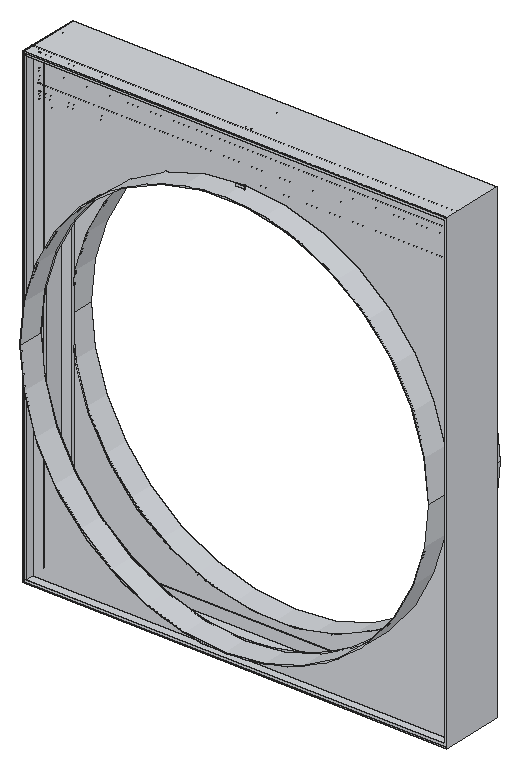
Revit family "FD-C", category Mechanical Equipment, Revit 2015
Parameters
  URL = "http://unitedenertech.com/catalog/pdf/A-9%20%20FD-C.pdf"
  Type Comments = "Max. Sizes are (1-1/2 Hour Rect./Oval Vertical 119\"w x 114\"h) (1-1/2 Hour Rect./Oval Horizontal 119\"w x 35\"h or 95\"w x 42\"h) (1-1/2 Hour Round Vertical 48\" Diameter) (1-1/2 Hour Round Horizontal 42\" Diameter) (3 Hour Rect./Oval Vertical 79\"w x 35\"h) (3 Hour Rect./Oval Horizontal 79\"w x 35\"h) (3 Hour Round Vertical 36\" Diameter) (3 Hour Round Horizontal 36\" Diameter)"
  Radius OD [instance] = Radius + 0' 0 9/256"  # 1' - 0 9/256"
  Radius [instance] = Diameter / 2  # 1' - 0"
  Model = "FD-C"
  Manufacturer = "United Enertech Corporation"
  Keynote = "Round Transitions Shown, Consult Factory for Models with Rectangular, or Oval Transitions"
  Exact Width = Diameter + 0' 1"  # 2' - 1"
  EFL Height [instance] = Blade Pair Number * 0' 0 13/32" + 0' 0 41/64"  # 0' - 3 31/64"
  Diameter = 2' - 0"
  Description = "Curtain Fire Damper for use in Static Systems"
  Damper Height = if(Diameter < 1' 8 1/4", Diameter + 0' 3", if(Diameter < 2' 7 1/4", Diameter + 0' 4", if(Diameter < 3' 6 1/4", Diameter + 0' 5", if(Diameter < 4' 6 1/4", Diameter + 0' 6", if(Diameter < 5' 4 1/4", Diameter + 0' 4", if(Diameter < 7' 0 1/4", Diameter + 0' 5", if(Diameter < 9' 6 1/4", Diameter + 0' 6", Diameter + 0' 6")))))))  # 2' - 4"
  Depth = 0' - 3 11/16"
  Center Mark [instance] = Radius + 0' 1"  # 1' - 1"
  Blade Width [instance] = Exact Width - 0' 0 1/8"  # 2' - 0 7/8"
  Blade Pair Number [instance] = (Damper Height - 0' 0 9/128") / 0' 3 7/8"  # 7
Reference planes (in)
  plane 1 "Center (Front/Back)": y = 0
  plane 2: z = 0
  plane 3 "Center (Left/Right)": x = 0
  plane 4: x = -12.5
  plane 5: x = 12.5
  plane 6: y = -1.84375
  plane 7: y = 1.84375
  plane 8: z = 28
  plane 9: x = -12.4641
  plane 10: x = 12.4641
  plane 11: z = 0.0359
  plane 12: z = 27.9641
  plane 13: y = 1.09375
  plane 14: y = -1.09375
  plane 15: y = -0.96875
  plane 16: y = 0.96875
  plane 17: z = 0.6609
  plane 18: x = -11.8391
  plane 19: x = 11.8391
  plane 20: z = 27.3391
  plane 21: x = -0.25
  plane 22: x = 0.25
  plane 23: z = 24.47973
  plane 24: z = 24.51563
  plane 25: z = 1
  plane 26: z = 13
  plane 27: y = -1.12965
  plane 28: y = 1.12965
  plane 29: y = -1.80785
  plane 30: y = 1.80785
  plane 31: y = -2.59375
  plane 32: y = 2.59375
  plane 33: x = -12.3391
  plane 34: x = 12.3391
  plane 35: z = 0.1609
  plane 36: z = 27.8391
Forms (in)
  Extrusion 1, solid
    sketch origin (0, 0, 0) x (1, 0, 0) y (0, 0, 1)
      loop
        line (-12.4641, 27.9641) -> (-12.4641, 0.0359) -> (12.4641, 0.0359) -> (12.4641, 27.9641) -> (-12.4641, 27.9641)
      loop
        line (-12.5, 28) -> (-12.5, 0) -> (12.5, 0) -> (12.5, 28) -> (-12.5, 28)
    from -1.84375 to 1.84375
  Extrusion 2, solid
    sketch origin (0, 0, 0) x (1, 0, 0) y (0, 0, 1)
      loop
        line (-11.8391, 27.3391) -> (-11.8391, 0.6609) -> (11.8391, 0.6609) -> (11.8391, 27.3391) -> (-11.8391, 27.3391)
      loop
        line (-12.4641, 27.9641) -> (-12.4641, 0.0359) -> (12.4641, 0.0359) -> (12.4641, 27.9641) -> (-12.4641, 27.9641)
    from 0.96875 to 1.09375
  Extrusion 3, solid
    sketch origin (0, 0, 0) x (1, 0, 0) y (0, 0, 1)
      loop
        line (-11.8391, 27.3391) -> (-11.8391, 0.6609) -> (11.8391, 0.6609) -> (11.8391, 27.3391) -> (-11.8391, 27.3391)
      loop
        line (-12.4641, 27.9641) -> (-12.4641, 0.0359) -> (12.4641, 0.0359) -> (12.4641, 27.9641) -> (-12.4641, 27.9641)
    from -1.09375 to -0.96875
  Extrusion 4, solid
    sketch origin (0, 0, 0) x (0, 1, 0) y (0, 0, 1)
      loop
        line (0.96875, 27.9641) -> (0.93285, 27.9641) -> (0.93285, 24.47973) -> (1.43285, 24.47973) -> (1.43285, 25.14848) -> (1.39695, 25.14848) -> (1.39695, 24.51563) -> (0.96875, 24.51563) -> (0.96875, 27.9641)
    from -0.25 to 0.25
  Extrusion 5, solid
    sketch origin (0, 0, 0) x (0, -1, 0) y (0, 0, -1)
      loop
        line (0.96875, -27.9641) -> (0.96875, -24.51563) -> (1.39695, -24.51563) -> (1.39695, -25.14848) -> (1.43285, -25.14848) -> (1.43285, -24.47973) -> (0.93285, -24.47973) -> (0.93285, -27.9641) -> (0.96875, -27.9641)
    from -0.25 to 0.25
  Extrusion 6, solid
    sketch origin (0, 0, 0) x (1, 0, 0) y (0, 0, 1)
      loop
        line (-12.5, 0) -> (12.5, 0) -> (12.5, 28) -> (-12.5, 28) -> (-12.5, 0)
    from 1.09375 to 1.12965
  Extrusion 7, solid
    sketch origin (0, 0, 0) x (1, 0, 0) y (0, 0, 1)
      loop
        line (-12.4641, 0.0359) -> (12.4641, 0.0359) -> (12.4641, 27.9641) -> (-12.4641, 27.9641) -> (-12.4641, 0.0359)
    from -1.12965 to -1.09375
  Extrusion 8, solid
    sketch origin (0, 0, 0) x (1, 0, 0) y (0, 0, 1)
      loop
        circle (0, 13) r 12
      loop
        circle (0, 13) r 12.03516
    from 1.12965 to 2.59375
  Extrusion 9, solid
    sketch origin (0, 0, 0) x (1, 0, 0) y (0, 0, -1)
      loop
        circle (0, -13) r 12
      loop
        circle (0, -13) r 12.03516
    from 1.12965 to 2.59375
  Extrusion 10, void
    sketch origin (0, 0, 0) x (1, 0, 0) y (0, 0, 1)
      loop
        circle (0, 13) r 12
    from -3.54736 to -1.09375
  Extrusion 11, void
    sketch origin (0, 0, 0) x (1, 0, 0) y (0, 0, -1)
      loop
        circle (0, -13) r 12
    from -3.54736 to -1.09375
  Extrusion 12, solid
    sketch origin (0, 0, 0) x (1, 0, 0) y (0, 0, 1)
      loop
        line (-12.4641, 27.9641) -> (-12.4641, 0.0359) -> (12.4641, 0.0359) -> (12.4641, 27.9641) -> (-12.4641, 27.9641)
      loop
        line (-12.3391, 27.8391) -> (-12.3391, 0.1609) -> (12.3391, 0.1609) -> (12.3391, 27.8391) -> (-12.3391, 27.8391)
    from -1.84375 to -1.80785
  Extrusion 13, solid
    sketch origin (0, 0, 0) x (1, 0, 0) y (0, 0, 1)
      loop
        line (-12.4641, 27.9641) -> (-12.4641, 0.0359) -> (12.4641, 0.0359) -> (12.4641, 27.9641) -> (-12.4641, 27.9641)
      loop
        line (-12.3391, 27.8391) -> (-12.3391, 0.1609) -> (12.3391, 0.1609) -> (12.3391, 27.8391) -> (-12.3391, 27.8391)
    from 1.84375 to 1.80785
Cuts and joins
  Extrusion 11 cuts Extrusion 3
  Extrusion 11 cuts Extrusion 4
  Extrusion 10, Extrusion 11 cuts Extrusion 7
  Extrusion 11 cuts Extrusion 9
  Extrusion 11 cuts Extrusion 6
Dimensions and locks (in)
  equal spacing: plane 4, plane 3 "Center (Left/Right)", plane 5
  "Exact Width": plane 4 to plane 5
  equal spacing: plane 7, plane 1 "Center (Front/Back)", plane 6
  "Depth": plane 7 to plane 6
  "Damper Height": plane 8 to level
  locked: plane 9 to plane 4 at 0.0359
  locked: plane 5 to plane 10 at 0.0359
  locked: plane 8 to plane 12 at 0.0359
  locked: plane 11 to level at 0.0359
  locked: plane 13 to plane 14 at 2.1875
  locked: plane 15 to plane 14 at 0.125
  locked: plane 13 to plane 16 at 0.125
  locked: plane 18 to plane 9 at 0.625
  locked: plane 10 to plane 19 at 0.625
  locked: plane 17 to plane 11 at 0.625
  locked: plane 12 to plane 20 at 0.625
  equal spacing: group 1, group 2, group 3, group 4, group 5, group 6, group 7  (x2)
  equal spacing: group 7, group 6, group 5, group 4, group 3, group 2, group 1
  locked: nested 1 to nested 2 at 0.40625
  "EFL Height": plane 12 to plane 23
  locked: plane 24 to plane 23 at 0.0359
  locked: plane 25 to level at 1
  "Center Mark": plane 26 to level
  locked: plane 14 to plane 27 at 0.0359
  locked: plane 13 to plane 28 at 0.0359
  locked: plane 29 to plane 6 at 0.0359
  locked: plane 7 to plane 30 at 0.0359
  locked: plane 6 to plane 31 at 0.75
  locked: plane 32 to plane 7 at 0.75
  locked: plane 9 to plane 33 at 0.125
  locked: plane 10 to plane 34 at 0.125
  locked: plane 35 to plane 11 at 0.125
  locked: plane 12 to plane 36 at 0.125
  "Radius OD": radius of Extrusion 8 sketch curve
  "Radius": radius of Extrusion 8 sketch curve
  "Radius OD": radius of Extrusion 9 sketch curve
  "Radius": radius of Extrusion 9 sketch curve
  "Radius": radius of Extrusion 10 sketch curve
  "Radius": radius of Extrusion 11 sketch curve
  aligned and locked: level to plane 2
  aligned and locked: level to Extrusion 1 sketch curve
  aligned and locked: Extrusion 1 sketch curve to plane 4
  aligned and locked: Extrusion 1 sketch curve to plane 5
  aligned and locked: Extrusion 1 sketch curve to plane 8
  aligned and locked: Extrusion 1 sketch curve to plane 12
  aligned and locked: Extrusion 1 sketch curve to plane 10
  aligned and locked: plane 11 to Extrusion 1 sketch curve
  aligned and locked: plane 9 to Extrusion 1 sketch curve
  aligned and locked: plane 7 to Extrusion 1
  aligned and locked: Extrusion 1 to plane 6
  aligned and locked: plane 11 to Extrusion 2 sketch curve
  aligned and locked: plane 9 to Extrusion 2 sketch curve
  aligned and locked: Extrusion 2 sketch curve to plane 10
  aligned and locked: Extrusion 2 sketch curve to plane 12
  aligned and locked: Extrusion 2 sketch curve to plane 20
  aligned and locked: Extrusion 2 sketch curve to plane 19
  aligned and locked: plane 17 to Extrusion 2 sketch curve
  aligned and locked: Extrusion 2 sketch curve to plane 18
  aligned and locked: plane 13 to Extrusion 3
  aligned and locked: Extrusion 3 to plane 16
  aligned and locked: plane 15 to Extrusion 2
  aligned and locked: Extrusion 2 to plane 14
  aligned and locked: plane 3 "Center (Left/Right)" to nested 1
  aligned and locked: plane 12 to nested 1
  aligned and locked: plane 21 to Extrusion 5
  aligned and locked: plane 21 to Extrusion 4
  aligned and locked: plane 22 to Extrusion 5
  aligned and locked: plane 22 to Extrusion 4
  aligned and locked: Extrusion 5 sketch curve to plane 23
  aligned and locked: plane 23 to Extrusion 4 sketch curve
  aligned and locked: plane 24 to Extrusion 4 sketch curve
  aligned and locked: Extrusion 5 sketch curve to plane 24
  aligned and locked: nested 3 to plane 24
  aligned and locked: Extrusion 6 sketch curve to level
  aligned and locked: plane 4 to Extrusion 6 sketch curve
  aligned and locked: plane 5 to Extrusion 6 sketch curve
  aligned and locked: plane 8 to Extrusion 6 sketch curve
  aligned and locked: Extrusion 7 to plane 10
  aligned and locked: plane 12 to Extrusion 7
  aligned and locked: Extrusion 7 to plane 9
  aligned and locked: Extrusion 7 to plane 11
  aligned and locked: Extrusion 7 to plane 13
  aligned and locked: Extrusion 7 to plane 28
  aligned and locked: Extrusion 9 to plane 32
  aligned and locked: Extrusion 8 to plane 31
  aligned and locked: plane 27 to Extrusion 8
  aligned and locked: plane 28 to Extrusion 9
  aligned and locked: Extrusion 10 to plane 13
  aligned and locked: plane 14 to Extrusion 11
  aligned and locked: Extrusion 12 sketch curve to plane 35
  aligned and locked: Extrusion 12 sketch curve to plane 36
  aligned and locked: Extrusion 12 sketch curve to plane 33
  aligned and locked: Extrusion 12 sketch curve to plane 34
  aligned and locked: Extrusion 12 sketch curve to plane 10
  aligned and locked: plane 11 to Extrusion 12 sketch curve
  aligned and locked: plane 9 to Extrusion 12 sketch curve
  aligned and locked: Extrusion 12 sketch curve to plane 12
  aligned and locked: plane 7 to Extrusion 12
  aligned and locked: Extrusion 12 to plane 30
  aligned and locked: Extrusion 13 to plane 29
  aligned and locked: Extrusion 13 to plane 6
Automatic sketch dimensions
  Extrusion 3 sketch curve to plane 9 = 0' - 0"
  Extrusion 3 sketch curve to plane 17 = 0' - 0"
  plane 18 to Extrusion 3 sketch curve = 0' - 0"
  Extrusion 3 sketch curve to plane 19 = 0' - 0"
  plane 10 to Extrusion 3 sketch curve = 0' - 0"
  Extrusion 3 sketch curve to plane 11 = 0' - 0"
  Extrusion 3 sketch curve to plane 20 = 0' - 0"
  Extrusion 3 sketch curve to plane 12 = 0' - 0"
  Extrusion 4 sketch curve to plane 12 = 0' - 0"
  Extrusion 4 sketch curve to plane 16 = 0' - 0"
  Extrusion 4 sketch curve to plane 16 = 0' - 0.0359"
  Extrusion 4 sketch curve to plane 28 = 0' - 0.2673"
  Extrusion 4 sketch curve to Extrusion 4 sketch curve = 0' - 0.0359"
  plane 24 to Extrusion 4 sketch curve = 0' - 0.63285"
  Extrusion 5 sketch curve to plane 12 = 0' - 0"
  Extrusion 5 sketch curve to plane 15 = 0' - 0"
  Extrusion 5 sketch curve to plane 15 = 0' - 0.0359"
  plane 27 to Extrusion 5 sketch curve = 0' - 0.2673"
  Extrusion 5 sketch curve to Extrusion 5 sketch curve = 0' - 0.0359"
  Extrusion 5 sketch curve to plane 24 = 0' - 0.63285"
  Extrusion 7 sketch curve to plane 9 = 0' - 0"
  Extrusion 7 sketch curve to plane 10 = 0' - 0"
  Extrusion 7 sketch curve to plane 11 = 0' - 0"
  Extrusion 7 sketch curve to plane 12 = 0' - 0"
  Extrusion 13 sketch curve to plane 9 = 0' - 0"
  plane 33 to Extrusion 13 sketch curve = 0' - 0"
  Extrusion 13 sketch curve to plane 34 = 0' - 0"
  Extrusion 13 sketch curve to plane 10 = 0' - 0"
  Extrusion 13 sketch curve to plane 11 = 0' - 0"
  Extrusion 13 sketch curve to plane 35 = 0' - 0"
  Extrusion 13 sketch curve to plane 36 = 0' - 0"
  Extrusion 13 sketch curve to plane 12 = 0' - 0"
  Extrusion 8 sketch curve to Extrusion 8 sketch curve = 0' - 0"  (x2)
  Extrusion 8 sketch curve to plane 3 "Center (Left/Right)" = 0' - 0"
  Extrusion 8 sketch curve to plane 26 = 0' - 0"
  Extrusion 9 sketch curve to Extrusion 9 sketch curve = 0' - 0"  (x2)
  Extrusion 9 sketch curve to plane 3 "Center (Left/Right)" = 0' - 0"
  Extrusion 9 sketch curve to plane 26 = 0' - 0"
  Extrusion 10 sketch curve to plane 3 "Center (Left/Right)" = 0' - 0"
  Extrusion 10 sketch curve to plane 26 = 0' - 0"
  Extrusion 11 sketch curve to plane 3 "Center (Left/Right)" = 0' - 0"
  Extrusion 11 sketch curve to plane 26 = 0' - 0"
Nested families (in)
  nested 1: "FD-SALB BLADESEDITED" at (0, 1.17008, 27.12138), type "FD-SALB BLADESEDITED"
    with Blade Width 2' - 0 7/8"
  nested 2: "FD-SALB BLADESEDITED" at (0, 1.17008, 26.71513), type "FD-SALB BLADESEDITED"
    with Blade Width 2' - 0 7/8"
  nested 3: "EFL" at (4.62017, 3.54736, 24.51563), type "EFL"
  nested 4: "FD-SALB BLADESEDITED" at (0, 1.17008, 26.30888), type "FD-SALB BLADESEDITED"
    with Blade Width 2' - 0 7/8"
  nested 5: "FD-SALB BLADESEDITED" at (0, 1.17008, 25.90263), type "FD-SALB BLADESEDITED"
    with Blade Width 2' - 0 7/8"
  nested 6: "FD-SALB BLADESEDITED" at (0, 1.17008, 25.49638), type "FD-SALB BLADESEDITED"
    with Blade Width 2' - 0 7/8"
  nested 7: "FD-SALB BLADESEDITED" at (0, 1.17008, 25.09013), type "FD-SALB BLADESEDITED"
    with Blade Width 2' - 0 7/8"
  nested 8: "FD-SALB BLADESEDITED" at (0, 1.17008, 24.68388), type "FD-SALB BLADESEDITED"
    with Blade Width 2' - 0 7/8"
Definition of nested family "FD-SALB BLADESEDITED"
  Parameters (values of type "FD-SALB BLADESEDITED")
    Blade Width = 1' - 11 7/8"
  Reference planes (in)
    plane 1 "Center (Front/Back)": y = 0
    plane 2: z = 0
    plane 3 "Center (Left/Right)": x = 0
    plane 4: x = -11.9375
    plane 5: x = 11.9375
  Forms (in)
    Extrusion 1, solid
      sketch origin (0, 0, 0) x (0, 1, 0) y (0, 0, 1)
        loop
          line (-0.31672, 0.53073) -> (-0.3446, 0.62657)
          arc (-0.3446, 0.62657) -> (-0.33726, 0.6415) -> (-0.32269, 0.63348) r 0.0115
          line (-0.32269, 0.63348) -> (-0.30545, 0.53536)
          arc (-0.30545, 0.53536) -> (-0.31611, 0.49773) -> (-0.35217, 0.48264) r 0.045
          line (-0.35217, 0.48264) -> (-0.39872, 0.48554)
          arc (-0.39872, 0.48554) -> (-0.42675, 0.49692) -> (-0.44125, 0.52348) r 0.045
          line (-0.44125, 0.52348) -> (-0.47071, 0.66865)
          arc (-0.47071, 0.66865) -> (-0.48965, 0.70349) -> (-0.5262, 0.7189) r 0.06
          line (-0.5262, 0.7189) -> (-1.55698, 0.78305) -> (-1.76244, 0.79584)
          arc (-1.76244, 0.79584) -> (-1.79846, 0.78683) -> (-1.82228, 0.75836) r 0.06
          line (-1.82228, 0.75836) -> (-1.88016, 0.61423)
          arc (-1.88016, 0.61423) -> (-1.90974, 0.57877) -> (-1.95445, 0.56733) r 0.075
          arc (-1.95445, 0.56733) -> (-2.03902, 0.60869) -> (-2.06957, 0.69773) r 0.123
          line (-2.06957, 0.69773) -> (-2.06418, 0.78456)
          arc (-2.06418, 0.78456) -> (-2.05371, 0.80551) -> (-2.03138, 0.81256) r 0.03
          line (-2.03138, 0.81256) -> (-1.90763, 0.80489) -> (-1.90763, 0.8362) -> (-2.01284, 0.84272) -> (-2.04641, 0.84272)
          arc (-2.04641, 0.84272) -> (-2.08042, 0.82292) -> (-2.09536, 0.7865) r 0.06125
          line (-2.09536, 0.7865) -> (-2.10077, 0.69966)
          arc (-2.10077, 0.69966) -> (-2.06244, 0.58801) -> (-1.95639, 0.53614) r 0.15425
          arc (-1.95639, 0.53614) -> (-1.89306, 0.55235) -> (-1.8512, 0.60257) r 0.10625
          line (-1.8512, 0.60257) -> (-1.7933, 0.74674)
          arc (-1.7933, 0.74674) -> (-1.78183, 0.76038) -> (-1.76452, 0.76466) r 0.02875
          line (-1.76452, 0.76466) -> (-1.55892, 0.75186) -> (-0.52813, 0.68773)
          arc (-0.52813, 0.68773) -> (-0.51045, 0.68016) -> (-0.50148, 0.66314) r 0.02875
          line (-0.50148, 0.66314) -> (-0.47199, 0.51784)
          arc (-0.47199, 0.51784) -> (-0.4474, 0.47346) -> (-0.4004, 0.45434) r 0.07625
          line (-0.4004, 0.45434) -> (-0.35398, 0.45144)
          arc (-0.35398, 0.45144) -> (-0.29278, 0.47694) -> (-0.27468, 0.54073) r 0.07625
          line (-0.27468, 0.54073) -> (-0.29191, 0.63889)
          arc (-0.29191, 0.63889) -> (-0.33988, 0.67434) -> (-0.37768, 0.6282) r 0.04327
          line (-0.37768, 0.6282) -> (-0.34677, 0.52199) -> (-0.31672, 0.53073)
      from -11.9375 to 11.9375
    Extrusion 2, solid
      sketch origin (0, 0, 0) x (0, 1, 0) y (0, 0, 1)
        loop
          arc (-0.31635, 0.67497) -> (-0.29361, 0.66856) -> (-0.28256, 0.64768) r 0.03
          line (-0.28256, 0.64768) -> (-0.2714, 0.56286)
          arc (-0.2714, 0.56286) -> (-0.29582, 0.47194) -> (-0.37737, 0.42491) r 0.123
          arc (-0.37737, 0.42491) -> (-0.42275, 0.43328) -> (-0.45469, 0.46664) r 0.075
          line (-0.45469, 0.46664) -> (-0.52225, 0.60648)
          arc (-0.52225, 0.60648) -> (-0.54755, 0.63305) -> (-0.58358, 0.63992) r 0.06
          line (-0.58358, 0.63992) -> (-0.78858, 0.61304) -> (-1.81262, 0.47877)
          arc (-1.81262, 0.47877) -> (-1.84723, 0.46173) -> (-1.86432, 0.42714) r 0.06
          line (-1.86432, 0.42714) -> (-1.88437, 0.27537)
          arc (-1.88437, 0.27537) -> (-1.89734, 0.2499) -> (-1.92301, 0.23735) r 0.045
          line (-1.92301, 0.23735) -> (-1.96868, 0.2314)
          arc (-1.96868, 0.2314) -> (-2.00696, 0.24361) -> (-2.02023, 0.28153) r 0.045
          line (-2.02023, 0.28153) -> (-2.00995, 0.379)
          arc (-2.00995, 0.379) -> (-1.99657, 0.38882) -> (-1.98728, 0.37505) r 0.0115
          line (-1.98728, 0.37505) -> (-2.00879, 0.27676) -> (-1.97772, 0.26996) -> (-1.95543, 0.37179)
          arc (-1.95543, 0.37179) -> (-1.99381, 0.41919) -> (-2.04121, 0.38081) r 0.04313
          line (-2.04121, 0.38081) -> (-2.05127, 0.28509)
          arc (-2.05127, 0.28509) -> (-2.02877, 0.22122) -> (-1.96431, 0.20045) r 0.07625
          line (-1.96431, 0.20045) -> (-1.91897, 0.20638)
          arc (-1.91897, 0.20638) -> (-1.87533, 0.22771) -> (-1.85342, 0.27106) r 0.07625
          line (-1.85342, 0.27106) -> (-1.83333, 0.42305)
          arc (-1.83333, 0.42305) -> (-1.82514, 0.43962) -> (-1.80853, 0.44779) r 0.02875
          line (-1.80853, 0.44779) -> (-0.78452, 0.58205) -> (-0.57967, 0.60892)
          arc (-0.57967, 0.60892) -> (-0.56246, 0.60559) -> (-0.55039, 0.5929) r 0.02875
          line (-0.55039, 0.5929) -> (-0.48278, 0.45303)
          arc (-0.48278, 0.45303) -> (-0.4376, 0.40578) -> (-0.37331, 0.39393) r 0.10625
          arc (-0.37331, 0.39393) -> (-0.27103, 0.4529) -> (-0.24041, 0.56695) r 0.15425
          line (-0.24041, 0.56695) -> (-0.2515, 0.65113)
          arc (-0.2515, 0.65113) -> (-0.27433, 0.69316) -> (-0.32041, 0.70596) r 0.06125
          line (-0.32041, 0.70596) -> (-0.44437, 0.68971) -> (-0.44031, 0.65872) -> (-0.31635, 0.67497)
      from -11.9375 to 11.9375
  Dimensions and locks (in)
    equal spacing: plane 4, plane 3 "Center (Left/Right)", plane 5
    "Blade Width": plane 4 to plane 5
    aligned and locked: level to plane 2
    aligned and locked: plane 4 to Extrusion 1
    aligned and locked: plane 4 to Extrusion 2
    aligned and locked: plane 5 to Extrusion 1
    aligned and locked: plane 5 to Extrusion 2
  Automatic sketch dimensions
    Extrusion 2 sketch curve to Extrusion 2 sketch curve = 0' - 0"  (x35)
    level to Extrusion 2 sketch curve = 0' - 0.28509"
    plane 1 "Center (Front/Back)" to Extrusion 2 sketch curve = 0' - 2.05127"
    level to Extrusion 2 sketch curve = 0' - 0.38081"
    Extrusion 2 sketch curve to Extrusion 2 sketch curve = 0' - 0.01006"
    level to Extrusion 2 sketch curve = 0' - 0.28153"
    Extrusion 2 sketch curve to Extrusion 2 sketch curve = 0' - 0.03105"
    level to Extrusion 2 sketch curve = 0' - 0.27676"
    Extrusion 2 sketch curve to Extrusion 2 sketch curve = 0' - 0.01143"  (x2)
    Extrusion 2 sketch curve to Extrusion 2 sketch curve = 0' - 0.04266"
    Extrusion 2 sketch curve to Extrusion 2 sketch curve = 0' - 0.00023"
    level to Extrusion 2 sketch curve = 0' - 0.26996"
    Extrusion 2 sketch curve to Extrusion 2 sketch curve = 0' - 0.03107"
    Extrusion 2 sketch curve to Extrusion 2 sketch curve = 0' - 0.00213"
    level to Extrusion 2 sketch curve = 0' - 0.2314"
    Extrusion 2 sketch curve to Extrusion 2 sketch curve = 0' - 0.00904"
    level to Extrusion 2 sketch curve = 0' - 0.20045"
    level to Extrusion 2 sketch curve = 0' - 0.37179"
    Extrusion 2 sketch curve to Extrusion 2 sketch curve = 0' - 0.0467"
    level to Extrusion 2 sketch curve = 0' - 0.27537"
    Extrusion 2 sketch curve to Extrusion 2 sketch curve = 0' - 0.04451"
    level to Extrusion 2 sketch curve = 0' - 0.27106"
    Extrusion 2 sketch curve to Extrusion 2 sketch curve = 0' - 0.03095"
    Extrusion 2 sketch curve to Extrusion 2 sketch curve = 0' - 0.0486"
    plane 1 "Center (Front/Back)" to Extrusion 2 sketch curve = 0' - 0.78452"
    Extrusion 2 sketch curve to Extrusion 2 sketch curve = 0' - 0.20094"
    Extrusion 2 sketch curve to Extrusion 2 sketch curve = 0' - 0 1/256"  (x2)
    Extrusion 2 sketch curve to Extrusion 2 sketch curve = 0' - 0.0034"
    Extrusion 2 sketch curve to Extrusion 2 sketch curve = 0' - 0.13921"
    Extrusion 2 sketch curve to Extrusion 2 sketch curve = 0' - 0.00406"  (x3)
    Extrusion 2 sketch curve to Extrusion 2 sketch curve = 0' - 0.04695"
    Extrusion 2 sketch curve to Extrusion 2 sketch curve = 0' - 0.00624"
    Extrusion 2 sketch curve to Extrusion 2 sketch curve = 0' - 0.0809"
    Extrusion 2 sketch curve to Extrusion 2 sketch curve = 0' - 0.0299"
    Extrusion 2 sketch curve to Extrusion 2 sketch curve = 0' - 0.03106"
    Extrusion 2 sketch curve to Extrusion 2 sketch curve = 0' - 0.00661"
    Extrusion 2 sketch curve to Extrusion 2 sketch curve = 0' - 0.00119"
    Extrusion 2 sketch curve to Extrusion 2 sketch curve = 0' - 0.14822"
    level to Extrusion 2 sketch curve = 0' - 0.49927"
    Extrusion 2 sketch curve to Extrusion 2 sketch curve = 0' - 0.04759"
    Extrusion 2 sketch curve to Extrusion 2 sketch curve = 0' - 0.0335"
    Extrusion 2 sketch curve to Extrusion 2 sketch curve = 0' - 0.00168"
    Extrusion 2 sketch curve to Extrusion 2 sketch curve = 0' - 0.02855"
    Extrusion 2 sketch curve to Extrusion 2 sketch curve = 0' - 0.031"
    Extrusion 2 sketch curve to Extrusion 2 sketch curve = 0' - 0.09835"
    Extrusion 2 sketch curve to Extrusion 2 sketch curve = 0' - 0.00246"
    Extrusion 2 sketch curve to Extrusion 2 sketch curve = 0' - 0.00345"
    Extrusion 2 sketch curve to Extrusion 2 sketch curve = 0' - 0.11186"
    Extrusion 2 sketch curve to Extrusion 2 sketch curve = 0' - 0.03098"  (x3)
    level to Extrusion 2 sketch curve = 0' - 0.37898"
    Extrusion 2 sketch curve to Extrusion 2 sketch curve = 0' - 0.00003"  (x4)
    Extrusion 2 sketch curve to Extrusion 2 sketch curve = 0' - 0.01101"
    level to Extrusion 2 sketch curve = 0' - 0.37505"
    Extrusion 2 sketch curve to Extrusion 2 sketch curve = 0' - 0.00585"
    level to Extrusion 2 sketch curve = 0' - 0.23735"
    Extrusion 2 sketch curve to Extrusion 2 sketch curve = 0' - 0.00404"
    level to Extrusion 2 sketch curve = 0' - 0.20636"
    level to Extrusion 2 sketch curve = 0' - 0.42714"
    Extrusion 2 sketch curve to Extrusion 2 sketch curve = 0' - 0.0595"
    level to Extrusion 2 sketch curve = 0' - 0.42305"
    Extrusion 2 sketch curve to Extrusion 2 sketch curve = 0' - 0.02852"
    Extrusion 2 sketch curve to Extrusion 2 sketch curve = 0' - 0.0207"
    level to Extrusion 2 sketch curve = 0' - 0.47878"
    Extrusion 2 sketch curve to Extrusion 2 sketch curve = 0' - 0.00374"
    level to Extrusion 2 sketch curve = 0' - 0.44779"
    Extrusion 2 sketch curve to Extrusion 2 sketch curve = 0' - 0.02588"
    Extrusion 2 sketch curve to Extrusion 2 sketch curve = 0' - 0.02814"
    Extrusion 2 sketch curve to Extrusion 2 sketch curve = 0' - 0.0957"
    Extrusion 2 sketch curve to Extrusion 2 sketch curve = 0' - 0.00004"  (x2)
    Extrusion 2 sketch curve to Extrusion 2 sketch curve = 0' - 0.02809"
    Extrusion 2 sketch curve to Extrusion 2 sketch curve = 0' - 0.00975"
    Extrusion 2 sketch curve to Extrusion 2 sketch curve = 0' - 0.00796"
    Extrusion 2 sketch curve to Extrusion 2 sketch curve = 0' - 0.01116"
    Extrusion 2 sketch curve to Extrusion 2 sketch curve = 0' - 0.00002"
    Extrusion 1 sketch curve to Extrusion 1 sketch curve = 0' - 0"  (x30)
    level to Extrusion 1 sketch curve = 0' - 0.7827"
    plane 1 "Center (Front/Back)" to Extrusion 1 sketch curve = 0' - 2.03423"
    Extrusion 1 sketch curve to Extrusion 1 sketch curve = 0' - 0.00284"
    Extrusion 1 sketch curve to Extrusion 1 sketch curve = 0' - 0.01854"
    Extrusion 1 sketch curve to Extrusion 1 sketch curve = 0' - 0.08443"
    Extrusion 1 sketch curve to Extrusion 1 sketch curve = 0' - 0.00298"
    Extrusion 1 sketch curve to Extrusion 1 sketch curve = 0' - 0.03918"
    Extrusion 1 sketch curve to Extrusion 1 sketch curve = 0' - 0.14102"
    level to Extrusion 1 sketch curve = 0' - 0.76466"
    Extrusion 1 sketch curve to Extrusion 1 sketch curve = 0' - 0.00209"
    level to Extrusion 1 sketch curve = 0' - 0.79584"
    Extrusion 1 sketch curve to Extrusion 1 sketch curve = 0' - 0.00208"  (x2)
    level to Extrusion 1 sketch curve = 0' - 0.75186"
    Extrusion 1 sketch curve to Extrusion 1 sketch curve = 0' - 0.2056"
    Extrusion 1 sketch curve to Extrusion 1 sketch curve = 0' - 0.00194"  (x2)
    plane 1 "Center (Front/Back)" to Extrusion 1 sketch curve = 0' - 0.52993"
    Extrusion 1 sketch curve to Extrusion 1 sketch curve = 0' - 0.02845"
    Extrusion 1 sketch curve to Extrusion 1 sketch curve = 0' - 0.02949"
    Extrusion 1 sketch curve to Extrusion 1 sketch curve = 0' - 0.03077"  (x2)
    Extrusion 1 sketch curve to Extrusion 1 sketch curve = 0' - 0.03074"
    Extrusion 1 sketch curve to Extrusion 1 sketch curve = 0' - 0.04085"
    Extrusion 1 sketch curve to Extrusion 1 sketch curve = 0' - 0.00168"
    Extrusion 1 sketch curve to Extrusion 1 sketch curve = 0' - 0.04445"
    Extrusion 1 sketch curve to Extrusion 1 sketch curve = 0' - 0.01912"
    Extrusion 1 sketch curve to Extrusion 1 sketch curve = 0' - 0.04641"
    Extrusion 1 sketch curve to Extrusion 1 sketch curve = 0' - 0.00182"
    Extrusion 1 sketch curve to Extrusion 1 sketch curve = 0' - 0.00238"
    Extrusion 1 sketch curve to Extrusion 1 sketch curve = 0' - 0.00302"
    Extrusion 1 sketch curve to Extrusion 1 sketch curve = 0' - 0.03307"
    Extrusion 1 sketch curve to Extrusion 1 sketch curve = 0' - 0.01008"
    Extrusion 1 sketch curve to Extrusion 1 sketch curve = 0' - 0.00072"
    Extrusion 1 sketch curve to Extrusion 1 sketch curve = 0' - 0.01112"
    Extrusion 1 sketch curve to Extrusion 1 sketch curve = 0' - 0.03006"
    Extrusion 1 sketch curve to Extrusion 1 sketch curve = 0' - 0.03078"
    Extrusion 1 sketch curve to Extrusion 1 sketch curve = 0' - 0.02867"
    Extrusion 1 sketch curve to Extrusion 1 sketch curve = 0' - 0.09261"
    level to Extrusion 1 sketch curve = 0' - 0.66865"
    Extrusion 1 sketch curve to Extrusion 1 sketch curve = 0' - 0.00551"
    Extrusion 1 sketch curve to Extrusion 1 sketch curve = 0' - 0.00412"
    Extrusion 1 sketch curve to Extrusion 1 sketch curve = 0' - 0.04791"
    Extrusion 1 sketch curve to Extrusion 1 sketch curve = 0' - 0.02976"
    Extrusion 1 sketch curve to Extrusion 1 sketch curve = 0' - 0.00541"
    Extrusion 1 sketch curve to Extrusion 1 sketch curve = 0' - 0.00087"
    Extrusion 1 sketch curve to Extrusion 1 sketch curve = 0' - 0.00852"
    Extrusion 1 sketch curve to Extrusion 1 sketch curve = 0' - 0.00559"
    Extrusion 1 sketch curve to Extrusion 1 sketch curve = 0' - 0.00702"
    Extrusion 1 sketch curve to Extrusion 1 sketch curve = 0' - 0.00564"
    Extrusion 1 sketch curve to Extrusion 1 sketch curve = 0' - 0.03935"
    Extrusion 1 sketch curve to Extrusion 1 sketch curve = 0' - 0.0312"
    Extrusion 1 sketch curve to Extrusion 1 sketch curve = 0' - 0.03119"
    Extrusion 1 sketch curve to Extrusion 1 sketch curve = 0' - 0.1148"
    Extrusion 1 sketch curve to Extrusion 1 sketch curve = 0' - 0.03131"
    Extrusion 1 sketch curve to Extrusion 1 sketch curve = 0' - 0.02994"
    level to Extrusion 1 sketch curve = 0' - 0.78456"
    Extrusion 1 sketch curve to Extrusion 1 sketch curve = 0' - 0.00539"
    level to Extrusion 1 sketch curve = 0' - 0.69772"
    Extrusion 1 sketch curve to Extrusion 1 sketch curve = 0' - 0.03117"
    Extrusion 1 sketch curve to Extrusion 1 sketch curve = 0' - 0.03118"
    level to Extrusion 1 sketch curve = 0' - 0.69966"
    Extrusion 1 sketch curve to Extrusion 1 sketch curve = 0' - 0.03357"
    Extrusion 1 sketch curve to Extrusion 1 sketch curve = 0' - 0.0066"
    Extrusion 1 sketch curve to Extrusion 1 sketch curve = 0' - 0.06959"
    level to Extrusion 1 sketch curve = 0' - 0.61423"
    Extrusion 1 sketch curve to Extrusion 1 sketch curve = 0' - 0.00004"  (x2)
    Extrusion 1 sketch curve to Extrusion 1 sketch curve = 0' - 0.02896"
    level to Extrusion 1 sketch curve = 0' - 0.60259"
    level to Extrusion 1 sketch curve = 0' - 0.75838"
    Extrusion 1 sketch curve to Extrusion 1 sketch curve = 0' - 0.05778"
    level to Extrusion 1 sketch curve = 0' - 0.74674"
    Extrusion 1 sketch curve to Extrusion 1 sketch curve = 0' - 0.02669"
    Extrusion 1 sketch curve to Extrusion 1 sketch curve = 0' - 0.00179"
    Extrusion 1 sketch curve to Extrusion 1 sketch curve = 0' - 0.00193"
    Extrusion 1 sketch curve to Extrusion 1 sketch curve = 0' - 0.01125"
    Extrusion 1 sketch curve to Extrusion 1 sketch curve = 0' - 0.00003"
    Extrusion 1 sketch curve to Extrusion 1 sketch curve = 0' - 0.05622"
    Extrusion 1 sketch curve to Extrusion 1 sketch curve = 0' - 0.03016"
Definition of nested family "EFL"
  Reference planes (in)
    plane 1 "Center (Front/Back)": y = 0
    plane 2: z = 0
    plane 3 "Center (Left/Right)": x = 0
  Forms (in)
    Extrusion 1, solid
      sketch origin (0, 0, 0) x (1, 0, 0) y (0, 1, 0)
        loop
          arc (-4.87017, -4.05324) -> (-4.81525, -4.18582) -> (-4.68267, -4.24074) r 0.1875
          line (-4.68267, -4.24074) -> (-4.55767, -4.24074)
          arc (-4.55767, -4.24074) -> (-4.42508, -4.18582) -> (-4.37017, -4.05324) r 0.1875
          line (-4.37017, -4.05324) -> (-4.37017, -3.41574) -> (-4.87017, -3.41574) -> (-4.87017, -4.05324)
        loop
          circle (-4.62017, -4.05324) r 0.0625
      from 0.1 to 0.05
    Extrusion 2, solid
      sketch origin (-9.24033, -7.08147, 0) x (-1, 0, 0) y (0, -1, 0)
        loop
          arc (-4.87017, -4.05324) -> (-4.81525, -4.18582) -> (-4.68267, -4.24074) r 0.1875
          line (-4.68267, -4.24074) -> (-4.55767, -4.24074)
          arc (-4.55767, -4.24074) -> (-4.42508, -4.18582) -> (-4.37017, -4.05324) r 0.1875
          line (-4.37017, -4.05324) -> (-4.37017, -3.41574) -> (-4.87017, -3.41574) -> (-4.87017, -4.05324)
        loop
          circle (-4.62017, -4.05324) r 0.0625
      from 0 to 0.05
    Sweep 3, solid
      path in 3D
        loop
          line (-4.62017, -4.16421, 0) -> (-4.62017, -4.22608, 0)
          arc (-4.62017, -4.22608, 0) -> (-4.65678, -4.31447, 0) -> (-4.74517, -4.35108, 0) r 0.125
          line (-4.74517, -4.35108, 0) -> (-4.92568, -4.35108, 0)
          arc (-4.92568, -4.35108, 0) -> (-5.02859, -4.454, 0) -> (-4.92568, -4.55691, 0) r 0.10291
          line (-4.92568, -4.55691, 0) -> (-4.62017, -4.55691, 0) -> (-4.31465, -4.55691, 0)
          arc (-4.31465, -4.55691, 0) -> (-4.21174, -4.454, 0) -> (-4.31465, -4.35108, 0) r 0.10291
          line (-4.31465, -4.35108, 0) -> (-4.58427, -4.35108, 0)
      profile origin (-4.62017, -4.19515, 0) x (1, 0, 0) y (0, 0, 1)
        loop
          circle (0, 0) r 0.03202
    Sweep 4, solid
      path in 3D
        loop
          line (-4.62017, -4.283, 0.1526) -> (-4.62017, -4.12297, 0.1526)
          arc (-4.62017, -4.12297, 0.1526) -> (-4.62017, -4.04635, 0.07598) -> (-4.62017, -4.12297, -0.00063) r 0.07662
          line (-4.62017, -4.12297, -0.00063) -> (-4.62017, -4.16421, -0.00063)
      profile origin (-4.62017, -4.14359, -0.00063) x (0, 0, -1) y (1, 0, 0)
        loop
          circle (0, 0) r 0.03138
    Sweep 5, solid
      path in 3D
        loop
          line (-4.62017, -2.91726, 0) -> (-4.62017, -2.85539, 0)
          arc (-4.62017, -2.85539, 0) -> (-4.65678, -2.767, 0) -> (-4.74517, -2.73039, 0) r 0.125
          line (-4.74517, -2.73039, 0) -> (-4.92568, -2.73039, 0)
          arc (-4.92568, -2.73039, 0) -> (-5.02859, -2.62747, 0) -> (-4.92568, -2.52456, 0) r 0.10291
          line (-4.92568, -2.52456, 0) -> (-4.62017, -2.52456, 0) -> (-4.31465, -2.52456, 0)
          arc (-4.31465, -2.52456, 0) -> (-4.21174, -2.62747, 0) -> (-4.31465, -2.73039, 0) r 0.10291
          line (-4.31465, -2.73039, 0) -> (-4.58427, -2.73039, 0)
      profile origin (-4.62017, -2.88633, 0) x (-1, 0, 0) y (0, 0, 1)
        loop
          circle (0, 0) r 0.03202
    Sweep 6, solid
      path in 3D
        loop
          line (-4.62017, -2.79848, 0.1526) -> (-4.62017, -2.95851, 0.1526)
          arc (-4.62017, -2.95851, 0.1526) -> (-4.62017, -3.03512, 0.07598) -> (-4.62017, -2.95851, -0.00063) r 0.07662
          line (-4.62017, -2.95851, -0.00063) -> (-4.62017, -2.91726, -0.00063)
      profile origin (-4.62017, -2.93788, -0.00063) x (0, 0, 1) y (1, 0, 0)
        loop
          circle (0, 0) r 0.03138
  Lines and regions (in)
    sketch lines
      curve 1: line (-4.62017, -4.16421, 0) -> (-4.62017, -4.22608, 0)
      curve 2: arc (-4.74517, -4.35108, 0) -> (-4.65678, -4.31447, 0) -> (-4.62017, -4.22608, 0) r 0.125
      curve 3: line (-4.74517, -4.35108, 0) -> (-4.92568, -4.35108, 0)
      curve 4: arc (-4.92568, -4.35108, 0) -> (-5.02859, -4.454, 0) -> (-4.92568, -4.55691, 0) r 0.10291
      curve 5: line (-4.62017, -4.55691, 0) -> (-4.92568, -4.55691, 0)
      curve 6: line (-4.62017, -4.55691, 0) -> (-4.31465, -4.55691, 0)
      curve 7: arc (-4.31465, -4.55691, 0) -> (-4.21174, -4.454, 0) -> (-4.31465, -4.35108, 0) r 0.10291
      curve 8: line (-4.58427, -4.35108, 0) -> (-4.31465, -4.35108, 0)
      curve 9: line (-4.62017, -4.12297, -0.00063) -> (-4.62017, -4.16421, -0.00063)
      curve 10: arc (-4.62017, -4.12297, -0.00063) -> (-4.62017, -4.04635, 0.07598) -> (-4.62017, -4.12297, 0.1526) r 0.07662
      curve 11: line (-4.62017, -4.12297, 0.1526) -> (-4.62017, -4.283, 0.1526)
      curve 12: line (-4.62017, -2.91726, 0) -> (-4.62017, -2.85539, 0)
      curve 13: arc (-4.74517, -2.73039, 0) -> (-4.65678, -2.767, 0) -> (-4.62017, -2.85539, 0) r 0.125
      curve 14: line (-4.74517, -2.73039, 0) -> (-4.92568, -2.73039, 0)
      curve 15: arc (-4.92568, -2.73039, 0) -> (-5.02859, -2.62747, 0) -> (-4.92568, -2.52456, 0) r 0.10291
      curve 16: line (-4.62017, -2.52456, 0) -> (-4.92568, -2.52456, 0)
      curve 17: line (-4.62017, -2.52456, 0) -> (-4.31465, -2.52456, 0)
      curve 18: arc (-4.31465, -2.52456, 0) -> (-4.21174, -2.62747, 0) -> (-4.31465, -2.73039, 0) r 0.10291
      curve 19: line (-4.58427, -2.73039, 0) -> (-4.31465, -2.73039, 0)
      curve 20: line (-4.62017, -2.95851, -0.00063) -> (-4.62017, -2.91726, -0.00063)
      curve 21: arc (-4.62017, -2.95851, -0.00063) -> (-4.62017, -3.03512, 0.07598) -> (-4.62017, -2.95851, 0.1526) r 0.07662
      curve 22: line (-4.62017, -2.95851, 0.1526) -> (-4.62017, -2.79848, 0.1526)
  Dimensions and locks (in)
    aligned and locked: level to plane 2
